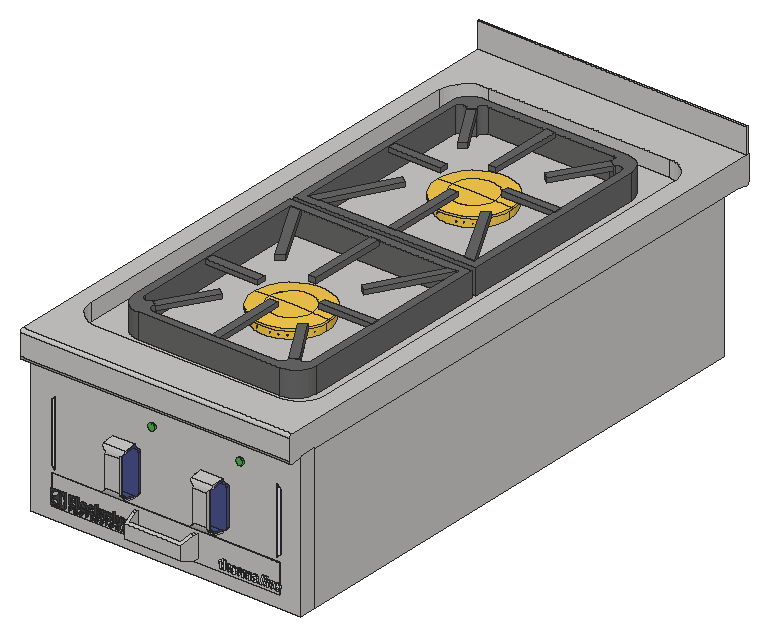
Revit family "QF_ELECTROLUXPROFESSIONAL_588527_MBGCBBDOPI", category Attrezzature speciali, Revit 2020 (continued)
Definition of nested family "Therma_One_Burner_Long"
  Forms (mm)
    Extrusion 27, solid
      sketch origin (0, 0, 0) x (1, 0, 0) y (0, 1, 0)
        loop
          arc (-108.936, 125.917) -> (-117.602, 127.471) -> (-122.448, 120.119) r 8
          line (-122.448, 120.119) -> (-122.448, -151.019) -> (124.552, -151.019) -> (124.552, 120.119)
          arc (124.552, 120.119) -> (119.707, 127.471) -> (111.04, 125.917) r 8
          line (111.04, 125.917) -> (110.198, 124.558) -> (100.018, 130.868)
          arc (100.018, 130.868) -> (100.866, 139.285) -> (93.686, 143.758) r 8
        loop
          line (-133.948, -162.742) -> (136.052, -162.742) -> (136.052, 125.258)
          arc (136.052, 125.258) -> (127.265, 146.471) -> (106.052, 155.258) r 30
          line (106.052, 155.258) -> (-103.948, 155.258)
          arc (-103.948, 155.258) -> (-125.161, 146.471) -> (-133.948, 125.258) r 30
          line (-133.948, 125.258) -> (-133.948, -162.742)
      from 0 to 36.87
    Extrusion 28, solid
      sketch origin (0, 0, 0) x (1, 0, 0) y (0, 1, 0)
        loop
          line (-4.698, -35.742) -> (-4.698, -151.019) -> (6.802, -151.019) -> (6.802, -35.742) -> (-4.698, -35.742)
        loop
          line (-4.698, 35.758) -> (6.802, 35.758) -> (6.802, 143.758) -> (-4.698, 143.758) -> (-4.698, 35.758)
        loop
          line (-43.948, -2.992) -> (-43.948, 8.508) -> (-122.541, 8.508) -> (-122.541, -2.992) -> (-43.948, -2.992)
        loop
          line (-55.47, 61.908) -> (-97.913, 130.868) -> (-108.094, 124.558) -> (-64.98, 54.999) -> (-55.47, 61.908)
        loop
          line (-64.98, -49.483) -> (-122.541, -151.019) -> (-107.695, -151.019) -> (-55.47, -56.392) -> (-64.98, -49.483)
        loop
          line (46.052, -2.992) -> (124.645, -2.992) -> (124.645, 8.508) -> (46.052, 8.508) -> (46.052, -2.992)
        loop
          line (57.575, 61.908) -> (67.085, 54.999) -> (110.198, 124.558) -> (100.018, 130.868) -> (57.575, 61.908)
        loop
          line (67.085, -49.483) -> (57.575, -56.392) -> (109.799, -151.019) -> (124.645, -151.019) -> (67.085, -49.483)
      from 30 to 37
    Revolve 29, solid
      sketch origin (0, 2.758, -862.45) x (1, 0, 0) y (0, 0, 1)
        loop
          line (-51.221, 862.45) -> (1.052, 862.45) -> (1.052, 879.837) -> (-30.56, 879.837) -> (-53.965, 878.127) -> (-53.965, 875.327) -> (-51.221, 874.643) -> (-51.221, 862.45)
        axis (1.052, 862.45) -> (1.052, 879.837)
      angle from 0 to 360
  Cuts and joins
    Extrusion 1, Extrusion 2, Extrusion 3, Extrusion 4, Extrusion 5, Extrusion 6, Extrusion 7, Extrusion 8, Extrusion 9, Extrusion 10, Extrusion 11, Extrusion 12, Extrusion 13, Extrusion 14, Extrusion 15, Extrusion 16, Extrusion 17, Extrusion 18, Extrusion 19, Extrusion 20, Extrusion 21, Extrusion 22, Extrusion 23, Extrusion 24, Extrusion 25, Extrusion 26 cuts Revolve 29
  Lines and regions (mm)
    symbolic lines
      curve 1: arc (-5.814, 57.328, 0) -> (-38.234, 41.249, 0) -> (-53.646, 8.508, 0) r 55
      curve 2: arc (55.751, 8.508, 0) -> (40.338, 41.249, 0) -> (7.919, 57.328, 0) r 55
      curve 3: arc (7.919, -51.812, 0) -> (40.338, -35.734, 0) -> (55.751, -2.992, 0) r 55
      curve 4: arc (-53.646, -2.992, 0) -> (-38.234, -35.734, 0) -> (-5.814, -51.812, 0) r 55
      curve 5: arc (-103.948, 155.258, 0) -> (-125.161, 146.471, 0) -> (-133.948, 125.258, 0) r 30
      curve 6: line (106.052, 155.258, 0) -> (-103.948, 155.258, 0)
      curve 7: line (-133.948, 125.258, 0) -> (-133.948, -162.742, 0)
      curve 8: line (-122.448, 8.508, 0) -> (-122.448, 120.119, 0)
      curve 9: arc (-122.448, 120.119, 0) -> (-117.602, 127.471, 0) -> (-108.936, 125.917, 0) r 8
      curve 10: line (-108.936, 125.917, 0) -> (-64.98, 54.999, 0)
      curve 11: line (-64.98, 54.999, 0) -> (-55.47, 61.908, 0)
      curve 12: line (-55.47, 61.908, 0) -> (-97.913, 130.868, 0)
      curve 13: line (-91.582, 143.758, 0) -> (-4.698, 143.758, 0)
      curve 14: arc (-97.913, 130.868, 0) -> (-98.762, 139.285, 0) -> (-91.582, 143.758, 0) r 8
      curve 15: line (-4.698, 143.758, 0) -> (-4.698, 35.758, 0)
      curve 16: line (6.802, 35.758, 0) -> (6.802, 143.758, 0)
      curve 17: line (6.802, 143.758, 0) -> (93.686, 143.758, 0)
      curve 18: arc (93.686, 143.758, 0) -> (100.866, 139.285, 0) -> (100.018, 130.868, 0) r 8
      curve 19: line (100.018, 130.868, 0) -> (57.575, 61.908, 0)
      curve 20: line (57.575, 61.908, 0) -> (67.085, 54.999, 0)
      curve 21: line (67.085, 54.999, 0) -> (111.04, 125.917, 0)
      curve 22: arc (111.04, 125.917, 0) -> (119.707, 127.471, 0) -> (124.552, 120.119, 0) r 8
      curve 23: line (124.552, 120.119, 0) -> (124.552, 8.508, 0)
      curve 24: line (124.552, 8.508, 0) -> (46.052, 8.508, 0)
      curve 25: line (46.052, 8.508, 0) -> (46.052, -2.992, 0)
      curve 26: line (46.052, -2.992, 0) -> (124.645, -2.992, 0)
      curve 27: line (67.085, -49.483, 0) -> (57.575, -56.392, 0)
      curve 28: line (124.645, -151.019, 0) -> (67.085, -49.483, 0)
      curve 29: line (57.575, -56.392, 0) -> (109.799, -151.019, 0)
      curve 30: line (109.799, -151.019, 0) -> (6.802, -151.019, 0)
      curve 31: line (124.645, -2.992, 0) -> (124.645, -151.019, 0)
      curve 32: line (6.802, -151.019, 0) -> (6.802, -35.742, 0)
      curve 33: line (-4.698, -35.742, 0) -> (-4.698, -151.019, 0)
      curve 34: line (6.802, -35.742, 0) -> (-4.698, -35.742, 0)
      curve 35: line (-107.695, -151.019, 0) -> (-55.47, -56.392, 0)
      curve 36: line (-55.47, -56.392, 0) -> (-64.98, -49.483, 0)
      curve 37: line (-64.98, -49.483, 0) -> (-122.541, -151.019, 0)
      curve 38: line (-4.698, -151.019, 0) -> (-107.695, -151.019, 0)
      curve 39: line (-122.541, -151.019, 0) -> (-122.541, -2.992, 0)
      curve 40: line (-122.541, -2.992, 0) -> (-43.948, -2.992, 0)
      curve 41: line (-43.948, 8.508, 0) -> (-122.448, 8.508, 0)
      curve 42: line (-43.948, -2.992, 0) -> (-43.948, 8.508, 0)
      curve 43: line (-4.698, 35.758, 0) -> (6.802, 35.758, 0)
      curve 44: arc (136.052, 125.258, 0) -> (127.265, 146.471, 0) -> (106.052, 155.258, 0) r 30
      curve 45: line (136.052, -162.742, 0) -> (136.052, 125.258, 0)
      curve 46: line (-133.948, -162.742, 0) -> (136.052, -162.742, 0)
  Dimensions and locks
    plane 5 to plane 4 = 270 mm
    plane 4 to plane 5 = 270 mm
    equal spacing: plane 4, plane 3 "Center (Left/Right)", plane 5
    plane 9 to plane 8 = 318 mm
  Automatic sketch dimensions
    curve 1 to curve 2 = 0 mm  (x2)
    curve 1 to curve 3 = 0 mm  (x2)
    curve 1 to curve 4 = 0 mm  (x2)
    curve 2 to curve 3 = 0 mm  (x2)
    curve 2 to curve 4 = 0 mm  (x2)
    curve 3 to curve 4 = 0 mm  (x2)
    curve 5 to plane 4 = 0 mm
    plane 8 to curve 6 = 0 mm
    plane 1 "Center (Front/Back)" to curve 2 = 0 mm
    curve 2 to plane 3 "Center (Left/Right)" = 0 mm
    curve 45 to plane 5 = 0 mm
    curve 46 to plane 9 = 0 mm
    plane 4 to curve 39 = 11.407 mm
    curve 41 to plane 1 "Center (Front/Back)" = 5.75 mm
    plane 4 to curve 41 = 11.5 mm
    curve 8 to curve 9 = 8 mm
    curve 9 to curve 10 = 5.512 mm
    curve 37 to curve 38 = 14.846 mm
    curve 10 to curve 5 = 4.988 mm
    plane 8 to curve 12 = 24.39 mm
    curve 5 to curve 12 = 6.034 mm
    curve 12 to curve 13 = 6.332 mm
    curve 10 to plane 3 "Center (Left/Right)" = 66.032 mm
    curve 36 to plane 3 "Center (Left/Right)" = 66.032 mm
    curve 10 to curve 11 = 9.51 mm
    curve 36 to curve 36 = 9.51 mm
    plane 1 "Center (Front/Back)" to curve 40 = 5.75 mm
    curve 40 to plane 3 "Center (Left/Right)" = 45 mm
    curve 38 to plane 3 "Center (Left/Right)" = 5.75 mm
    curve 13 to plane 3 "Center (Left/Right)" = 5.75 mm
    plane 3 "Center (Left/Right)" to curve 32 = 5.75 mm
    plane 3 "Center (Left/Right)" to curve 43 = 5.75 mm
    plane 1 "Center (Front/Back)" to curve 25 = 5.75 mm
    plane 3 "Center (Left/Right)" to curve 25 = 45 mm
    curve 25 to curve 29 = 11.522 mm
    curve 24 to curve 19 = 11.522 mm
    curve 19 to curve 20 = 9.51 mm
    curve 27 to curve 28 = 9.51 mm
    plane 8 to curve 18 = 19.5 mm
    curve 18 to plane 5 = 42.366 mm
    curve 18 to curve 19 = 6.332 mm
    curve 17 to curve 6 = 12.366 mm
    plane 9 to curve 29 = 11.724 mm
    curve 29 to plane 5 = 26.253 mm
    curve 44 to curve 21 = 4.988 mm
    curve 21 to curve 22 = 5.512 mm
    curve 22 to curve 23 = 8 mm
    curve 31 to plane 5 = 11.407 mm
    plane 9 to curve 28 = 11.724 mm
    plane 9 to curve 37 = 11.724 mm
    curve 38 to curve 30 = 0 mm
    curve 29 to curve 3 = 53.4 mm
    curve 35 to curve 4 = 53.4 mm
    curve 27 to curve 28 = 6.909 mm
    curve 35 to curve 37 = 6.909 mm
    plane 1 "Center (Front/Back)" to curve 33 = 38.5 mm
    curve 24 to plane 1 "Center (Front/Back)" = 5.75 mm
    curve 15 to plane 1 "Center (Front/Back)" = 33 mm
    curve 2 to curve 21 = 46.491 mm
    curve 1 to curve 10 = 46.491 mm
    curve 10 to curve 11 = 6.909 mm
    curve 20 to curve 20 = 6.909 mm
    curve 8 to curve 5 = 5.139 mm
    curve 22 to curve 44 = 5.139 mm
    curve 19 to curve 18 = 4.89 mm
    curve 12 to curve 14 = 4.89 mm
    curve 1 to curve 41 = 9.699 mm
    curve 4 to curve 40 = 9.699 mm
    curve 1 to plane 3 "Center (Left/Right)" = 6.867 mm
    curve 4 to plane 3 "Center (Left/Right)" = 6.867 mm
    plane 3 "Center (Left/Right)" to curve 2 = 6.867 mm
    plane 3 "Center (Left/Right)" to curve 3 = 6.867 mm
    curve 25 to curve 3 = 9.699 mm
    curve 24 to curve 2 = 9.699 mm
    level to Extrusion 1 sketch curve = 6.05 mm
    level to Extrusion 2 sketch curve = 6.05 mm
    level to Extrusion 3 sketch curve = 6.05 mm
    level to Extrusion 4 sketch curve = 6.05 mm
    level to Extrusion 5 sketch curve = 6.05 mm
    level to Extrusion 6 sketch curve = 6.05 mm
    level to Extrusion 7 sketch curve = 6.05 mm
    level to Extrusion 8 sketch curve = 6.05 mm
    level to Extrusion 9 sketch curve = 6.05 mm
    level to Extrusion 10 sketch curve = 6.05 mm
    level to Extrusion 11 sketch curve = 6.05 mm
    level to Extrusion 12 sketch curve = 6.05 mm
    level to Extrusion 13 sketch curve = 6.05 mm
    level to Extrusion 14 sketch curve = 6.05 mm
    level to Extrusion 15 sketch curve = 6.05 mm
    level to Extrusion 16 sketch curve = 6.05 mm
    level to Extrusion 17 sketch curve = 6.05 mm
    level to Extrusion 18 sketch curve = 6.05 mm
    level to Extrusion 19 sketch curve = 6.05 mm
    level to Extrusion 20 sketch curve = 6.05 mm
    level to Extrusion 21 sketch curve = 6.05 mm
    level to Extrusion 22 sketch curve = 6.05 mm
    level to Extrusion 23 sketch curve = 6.05 mm
    level to Extrusion 24 sketch curve = 6.05 mm
    level to Extrusion 25 sketch curve = 6.05 mm
    level to Extrusion 26 sketch curve = 6.05 mm
    Extrusion 27 sketch curve to plane 4 = 0 mm
    plane 8 to Extrusion 27 sketch curve = 0 mm
    Extrusion 27 sketch curve to plane 5 = 0 mm
    Extrusion 27 sketch curve to plane 9 = 0 mm
    plane 4 to Extrusion 27 sketch curve = 11.5 mm
    Extrusion 27 sketch curve to Extrusion 27 sketch curve = 8 mm
    Extrusion 27 sketch curve to Extrusion 27 sketch curve = 5.512 mm
    Extrusion 27 sketch curve to Extrusion 27 sketch curve = 0.842 mm  (x2)
    Extrusion 27 sketch curve to Extrusion 27 sketch curve = 4.988 mm
    Extrusion 27 sketch curve to Extrusion 27 sketch curve = 6.034 mm  (x2)
    plane 8 to Extrusion 27 sketch curve = 11.5 mm
    Extrusion 27 sketch curve to Extrusion 27 sketch curve = 6.332 mm  (x2)
    Extrusion 27 sketch curve to plane 5 = 42.366 mm
    Extrusion 27 sketch curve to Extrusion 27 sketch curve = 4.146 mm
    Extrusion 27 sketch curve to Extrusion 27 sketch curve = 6.354 mm
    Extrusion 27 sketch curve to plane 5 = 11.5 mm
    plane 9 to Extrusion 27 sketch curve = 11.724 mm
    Extrusion 27 sketch curve to Extrusion 27 sketch curve = 5.139 mm  (x2)
    Extrusion 27 sketch curve to Extrusion 27 sketch curve = 1.359 mm  (x2)
    plane 4 to Extrusion 28 sketch curve = 11.407 mm  (x2)
    plane 4 to Extrusion 28 sketch curve = 25.854 mm
    Extrusion 28 sketch curve to Extrusion 28 sketch curve = 14.846 mm
    plane 8 to Extrusion 28 sketch curve = 24.39 mm  (x2)
    Extrusion 28 sketch curve to Extrusion 28 sketch curve = 10.18 mm  (x2)
    Extrusion 28 sketch curve to plane 3 "Center (Left/Right)" = 66.032 mm  (x2)
    Extrusion 28 sketch curve to Extrusion 28 sketch curve = 9.51 mm  (x4)
    plane 1 "Center (Front/Back)" to Extrusion 28 sketch curve = 5.75 mm  (x2)
    Extrusion 28 sketch curve to plane 3 "Center (Left/Right)" = 45 mm
    Extrusion 28 sketch curve to plane 3 "Center (Left/Right)" = 5.75 mm  (x2)
    plane 3 "Center (Left/Right)" to Extrusion 28 sketch curve = 5.75 mm  (x2)
    plane 3 "Center (Left/Right)" to Extrusion 28 sketch curve = 45 mm
    Extrusion 28 sketch curve to Extrusion 28 sketch curve = 11.522 mm  (x2)
    Extrusion 28 sketch curve to plane 5 = 36.034 mm
    plane 9 to Extrusion 28 sketch curve = 11.724 mm  (x3)
    Extrusion 28 sketch curve to plane 5 = 26.253 mm
    Extrusion 28 sketch curve to plane 5 = 11.407 mm  (x2)
    Extrusion 28 sketch curve to Extrusion 28 sketch curve = 53.4 mm  (x2)
    Extrusion 28 sketch curve to Extrusion 28 sketch curve = 6.909 mm  (x4)
    plane 1 "Center (Front/Back)" to Extrusion 28 sketch curve = 38.5 mm
    Extrusion 28 sketch curve to plane 1 "Center (Front/Back)" = 5.75 mm  (x2)
    Extrusion 28 sketch curve to plane 1 "Center (Front/Back)" = 33 mm
    Extrusion 28 sketch curve to Extrusion 28 sketch curve = 46.491 mm  (x2)
    plane 8 to Extrusion 28 sketch curve = 11.5 mm
    Revolve 29 sketch curve to plane 5 = 190.017 mm
    Revolve 29 sketch curve to level = 0 mm  (x2)
    Revolve 29 sketch curve to plane 5 = 187.273 mm
    Revolve 29 sketch curve to Revolve 29 sketch curve = 20.661 mm
    Revolve 29 sketch curve to Revolve 29 sketch curve = 31.612 mm
    Revolve 29 sketch curve to Revolve 29 sketch curve = 12.194 mm
    Revolve 29 sketch curve to Revolve 29 sketch curve = 0.684 mm
    Revolve 29 sketch curve to Revolve 29 sketch curve = 2.8 mm
    level to Revolve 29 sketch curve = 17.388 mm
    Revolve 29 sketch curve to Revolve 29 sketch curve = 0 mm
    Revolve 29 sketch curve to Revolve 29 sketch curve = 67.612 mm
    radius of Extrusion 1 sketch curve = 1 mm
    radius of Extrusion 2 sketch curve = 1 mm
    radius of Extrusion 3 sketch curve = 1 mm
    radius of Extrusion 4 sketch curve = 1 mm
    radius of Extrusion 5 sketch curve = 1 mm
    radius of Extrusion 6 sketch curve = 1 mm
    radius of Extrusion 7 sketch curve = 1 mm
    radius of Extrusion 8 sketch curve = 1 mm
    radius of Extrusion 9 sketch curve = 1 mm
    radius of Extrusion 10 sketch curve = 1 mm
    radius of Extrusion 11 sketch curve = 1 mm
    radius of Extrusion 12 sketch curve = 1 mm
    radius of Extrusion 13 sketch curve = 1 mm
    radius of Extrusion 14 sketch curve = 1 mm
    radius of Extrusion 15 sketch curve = 1 mm
    radius of Extrusion 16 sketch curve = 1 mm
    radius of Extrusion 17 sketch curve = 1 mm
    radius of Extrusion 18 sketch curve = 1 mm
    radius of Extrusion 19 sketch curve = 1 mm
    radius of Extrusion 20 sketch curve = 1 mm
    radius of Extrusion 21 sketch curve = 1 mm
    radius of Extrusion 22 sketch curve = 1 mm
    radius of Extrusion 23 sketch curve = 1 mm
    radius of Extrusion 24 sketch curve = 1 mm
    radius of Extrusion 25 sketch curve = 1 mm
    radius of Extrusion 26 sketch curve = 1 mm
